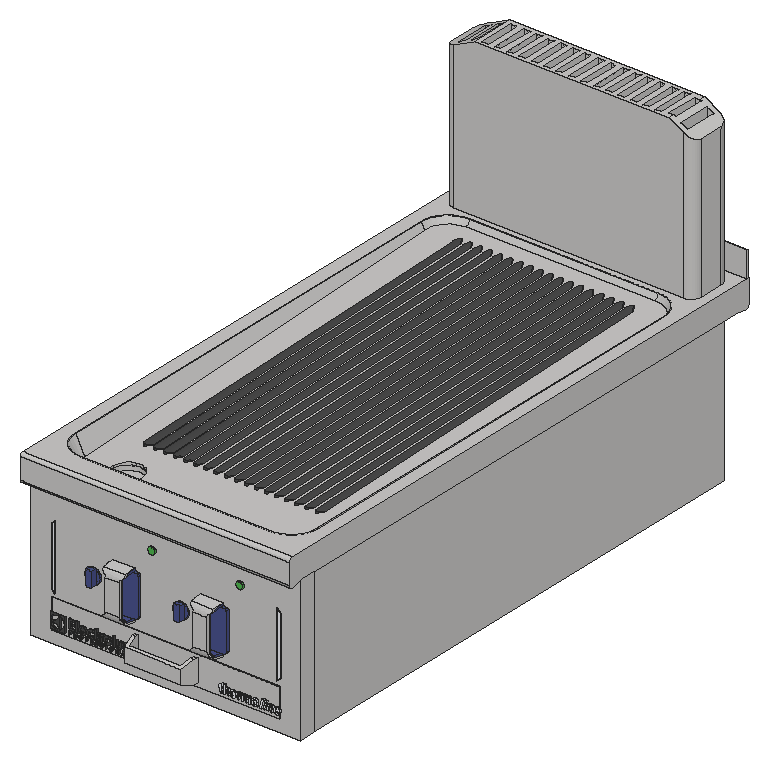
Revit family "QF_ELECTROLUXPROFESSIONAL_593109_MBHNBBDOVO", category Specialty Equipment, Revit 2014
Parameters
  Weight in Pounds = 487.22
  URL Cutsheet = ""
  Type Mark [instance] = ""
  Specification by User [instance] = ""
  Specification by Manufacturer = ""
  Serial Number = ""
  Seismic Rating = ""
  SMACNA No = ""
  Revision Code [instance] = ""
  Omniclass Number and Title = ""
  NAFEM Spec ID Number = ""
  Model = "588557"
  Masterspec = ""
  Manufacturer = "Electrolux Professional"
  Item Number [instance] = ""
  Installed By [instance] = ""
  Identify Quantity as Lot [instance] = yes
  Furnished By [instance] = ""
  Foodservice Equipment Identifier [instance] = yes
  Description = ""
  CSI MasterFormat = ""
  CSI Master Format = ""
Reference planes
  plane 1 "BACK": y = 0
  plane 2: z = 0
  plane 3 "LEFT": x = 0
  plane 4 "RIGHT": x = 400
  plane 5 "FRONT": y = -850
  plane 6 "TOP": z = 900
  plane 7 "Center (Left/Right)": x = 200
  plane 8: y = -425
  plane 9: y = -150
  plane 10: y = -65
  plane 11: y = -813
  plane 12 "GASy": y = -540
  plane 13: z = 938
  plane 14 "BaseTop": z = 650
  plane 15: y = -805
  plane 16 "Camino": y = -50
  plane 17 "GASx": x = 364
  plane 18: z = 1131
  plane 19 "PlaneRibbed": through (-6096, -91.999, 891.12) normal (0, -0.0269, 0.9996)
Forms (mm)
  Extrusion 1, solid, material "QF_Finishes_Stainless Steel"
    sketch origin (-178.969, -4572, 100) x (-1, 0, 0) y (0, -1, 0)
      loop
        line (-178.969, -4527) -> (-178.969, -3767) -> (-578.969, -3767) -> (-578.969, -4527) -> (-178.969, -4527)
    from 550 to 762.969
  Extrusion 2, solid, material "QF_Finishes_Stainless Steel"
    sketch origin (200, 296.4, 1219.2) x (0, 1, 0) y (0, 0, 1)
      loop
        line (-296.4, -319.2) -> (-1141.4, -319.2)
        arc (-1141.4, -319.2) -> (-1144.935, -320.664) -> (-1146.4, -324.2) r 5
        line (-1146.4, -324.2) -> (-1146.4, -355.2)
        arc (-1146.4, -355.2) -> (-1144.971, -358.264) -> (-1141.705, -359.139) r 4
        line (-1141.705, -359.139) -> (-1126.4, -356.231) -> (-316.4, -356.231) -> (-301.094, -359.139)
        arc (-301.094, -359.139) -> (-297.829, -358.264) -> (-296.4, -355.2) r 4
        line (-296.4, -355.2) -> (-296.4, -319.2)
    from -200 to 200
  Extrusion 3, void
    sketch origin (0, 0, 900) x (-1, 0, 0) y (0, -1, 0)
      loop
        arc (-60, 92) -> (-31.716, 103.716) -> (-20, 132) r 40
        line (-20, 132) -> (-20, 773)
        arc (-20, 773) -> (-31.716, 801.284) -> (-60, 813) r 40
        line (-60, 813) -> (-340, 813)
        arc (-340, 813) -> (-368.284, 801.284) -> (-380, 773) r 40
        line (-380, 773) -> (-380, 132)
        arc (-380, 132) -> (-368.284, 103.716) -> (-340, 92) r 40
        line (-340, 92) -> (-60, 92)
    from 0 to -30
  Extrusion 4, solid, material "QF_Finishes_Stainless Steel"
    sketch origin (200, 296.4, 1219.2) x (0, 1, 0) y (0, 0, 1)
      loop
        line (-296.4, -319.2) -> (-296.4, -281.2) -> (-298.4, -281.2) -> (-298.4, -319.2) -> (-296.4, -319.2)
    from 200 to -200
  Extrusion 5, solid, material "QF_Finishes_Stainless Steel"
    sketch origin (0, 0, 650) x (-1, 0, 0) y (0, -1, 0)
      loop
        circle (-364, 540) r 10.1
    from 0 to -10
  Sweep 6, solid, material "QF_Finishes_Stainless Steel"
    path origin (0, 0, 900) x (-1, 0, 0) y (0, -1, 0)
      loop
        line (-20, 132) -> (-20, 773)
        arc (-20, 773) -> (-31.716, 801.284) -> (-60, 813) r 40
        line (-60, 813) -> (-340, 813)
        arc (-340, 813) -> (-368.284, 801.284) -> (-380, 773) r 40
        line (-380, 773) -> (-380, 132)
        arc (-380, 132) -> (-368.284, 103.716) -> (-340, 92) r 40
        line (-340, 92) -> (-60, 92)
        arc (-60, 92) -> (-31.716, 103.716) -> (-20, 132) r 40
    profile origin (20, -452.5, 900) x (1, 0, 0) y (0, 0, 1)
      loop
        line (0, 0) -> (0, -30) -> (15, -30) -> (0, 0)
  Extrusion 7, solid, material "QF_Finishes_Stainless Steel"
    sketch origin (0, -50, 900) x (1, 0, 0) y (0, 0, 1)
      loop
        line (15, 0) -> (385, 0) -> (385, 209.869) -> (348.685, 231) -> (60.315, 231) -> (15, 209.869) -> (15, 0)
    from 33 to -33
  Extrusion 8, void
    sketch origin (0, 0, 900) x (-1, 0, 0) y (0, -1, 0)
      loop
        line (-30.312, 74) -> (-40.312, 74) -> (-40.312, 26) -> (-30.312, 26) -> (-30.312, 74)
      loop
        line (-48.547, 74) -> (-58.547, 74) -> (-58.547, 26) -> (-48.547, 26) -> (-48.547, 74)
      loop
        line (-76.781, 77) -> (-76.781, 23) -> (-66.781, 23) -> (-66.781, 77) -> (-76.781, 77)
      loop
        line (-95.015, 77) -> (-95.015, 23) -> (-85.015, 23) -> (-85.015, 77) -> (-95.015, 77)
      loop
        line (-113.25, 77) -> (-113.25, 23) -> (-103.25, 23) -> (-103.25, 77) -> (-113.25, 77)
      loop
        line (-131.484, 77) -> (-131.484, 23) -> (-121.484, 23) -> (-121.484, 77) -> (-131.484, 77)
      loop
        line (-149.719, 77) -> (-149.719, 23) -> (-139.719, 23) -> (-139.719, 77) -> (-149.719, 77)
      loop
        line (-167.953, 77) -> (-167.953, 23) -> (-157.953, 23) -> (-157.953, 77) -> (-167.953, 77)
      loop
        line (-186.187, 77) -> (-186.187, 23) -> (-176.187, 23) -> (-176.187, 77) -> (-186.187, 77)
      loop
        line (-205, 77) -> (-205, 23) -> (-195, 23) -> (-195, 77) -> (-205, 77)
      loop
        arc (-15, 32) -> (-19.393, 21.393) -> (-30, 17) r 15
        line (-30, 17) -> (-15, 17) -> (-15, 32)
      loop
        arc (-30, 83) -> (-19.393, 78.607) -> (-15, 68) r 15
        line (-15, 68) -> (-15, 83) -> (-30, 83)
      loop
        line (-369.688, 74) -> (-369.688, 26) -> (-359.688, 26) -> (-359.688, 74) -> (-369.688, 74)
      loop
        line (-351.453, 74) -> (-351.453, 26) -> (-341.453, 26) -> (-341.453, 74) -> (-351.453, 74)
      loop
        line (-323.219, 77) -> (-333.219, 77) -> (-333.219, 23) -> (-323.219, 23) -> (-323.219, 77)
      loop
        line (-304.985, 77) -> (-314.985, 77) -> (-314.985, 23) -> (-304.985, 23) -> (-304.985, 77)
      loop
        line (-286.75, 77) -> (-296.75, 77) -> (-296.75, 23) -> (-286.75, 23) -> (-286.75, 77)
      loop
        line (-268.516, 77) -> (-278.516, 77) -> (-278.516, 23) -> (-268.516, 23) -> (-268.516, 77)
      loop
        line (-250.281, 77) -> (-260.281, 77) -> (-260.281, 23) -> (-250.281, 23) -> (-250.281, 77)
      loop
        line (-232.047, 77) -> (-242.047, 77) -> (-242.047, 23) -> (-232.047, 23) -> (-232.047, 77)
      loop
        line (-213.813, 77) -> (-223.813, 77) -> (-223.813, 23) -> (-213.813, 23) -> (-213.813, 77)
      loop
        line (-385, 32) -> (-385, 17) -> (-370, 17)
        arc (-370, 17) -> (-380.607, 21.393) -> (-385, 32) r 15
      loop
        line (-370, 83) -> (-385, 83) -> (-385, 68)
        arc (-385, 68) -> (-380.607, 78.607) -> (-370, 83) r 15
    from 0 to 250
  Extrusion 9, solid, material "QF_Finishes_Stainless Steel"
    sketch origin (200, 296.4, 1219.2) x (0, 1, 0) y (0, 0, 1)
      loop
        line (-388.4, -349.2) -> (-388.4, -328.08) -> (-1109.4, -347.499) -> (-1109.4, -349.2) -> (-388.4, -349.2)
    from 180 to -180
  Extrusion 10, void
    sketch origin (0, 0, 900) x (-1, 0, 0) y (0, -1, 0)
      loop
        circle (-95, 769) r 22.248
    from -19.96 to -30
  Extrusion 11, void
    sketch origin (0, 0, 900) x (-1, 0, 0) y (0, -1, 0)
      loop
        circle (-95, 769) r 22.248
    from 0 to -37.031
Cuts and joins
  Extrusion 3, Extrusion 8, Extrusion 11 cuts Extrusion 2
  Extrusion 8 cuts Extrusion 7
  Extrusion 10 cuts Extrusion 9
  joined: Sweep 6, Extrusion 9
Lines and regions (mm)
  symbolic lines
    curve 1: line (0, 0, 100) -> (400, 0, 100)
    curve 2: line (0, -850, 100) -> (0, 0, 100)
    curve 3: line (400, -850, 100) -> (0, -850, 100)
    curve 4: line (400, 0, 100) -> (400, -850, 100)
    curve 5: line (0, -2, 0) -> (400, -2, 0)
    curve 6: line (338.029, -92, 0) -> (60.29, -92, 0)
    curve 7: line (60.29, -813, 0) -> (338.029, -813, 0)
    curve 8: line (60, -107, 900) -> (340, -107, 900)
    curve 9: line (340, -798, 900) -> (60, -798, 900)
    curve 10: arc (365, -773, 900) -> (357.678, -790.678, 900) -> (340, -798, 900) r 25
    curve 11: line (365, -132, 900) -> (365, -773, 900)
    curve 12: arc (340, -107, 900) -> (357.678, -114.322, 900) -> (365, -132, 900) r 25
    curve 13: circle (95, -769, 900) r 22.248 normal (0, 0, 1)
    curve 14: arc (85.5, -112.483, 900) -> (57.314, -124.096, 900) -> (45.5, -152.198, 900) r 39.994
    curve 15: line (85.5, -112.482, 900) -> (314.5, -112.482, 900)
    curve 16: line (45.5, -677.082, 900) -> (45.5, -152.198, 900)
    curve 17: arc (45.5, -677.082, 900) -> (57.314, -705.184, 900) -> (85.5, -716.797, 900) r 39.994
    curve 18: line (313.507, -716.798, 900) -> (85.5, -716.798, 900)
    curve 19: line (35.29, -731.526, 900) -> (365, -731.526, 900)
    curve 20: line (35.29, -741.526, 900) -> (365, -741.526, 900)
    curve 21: arc (60, -92, 900) -> (31.716, -103.716, 900) -> (20, -132, 900) r 40
    curve 22: line (20, -132, 900) -> (20, -773, 900)
    curve 23: arc (20, -773, 900) -> (31.716, -801.284, 900) -> (60, -813, 900) r 40
    curve 24: arc (340, -813, 900) -> (368.284, -801.284, 900) -> (380, -773, 900) r 40
    curve 25: line (380, -773, 900) -> (380, -132, 900)
    curve 26: arc (380, -132, 900) -> (368.284, -103.716, 900) -> (340, -92, 900) r 40
    curve 27: arc (313.5, -112.483, 900) -> (341.686, -124.096, 900) -> (353.5, -152.198, 900) r 39.994
    curve 28: line (353.5, -677.082, 900) -> (353.5, -152.198, 900)
    curve 29: arc (353.5, -677.082, 900) -> (341.688, -705.181, 900) -> (313.507, -716.797, 900) r 39.994
    curve 30: arc (60, -798, 900) -> (42.322, -790.678, 900) -> (35, -773, 900) r 25
    curve 31: line (35, -773, 900) -> (35, -132, 900)
    curve 32: arc (35, -132, 900) -> (42.322, -114.322, 900) -> (60, -107, 900) r 25
    curve 33: line (370, -17, 650) -> (30.102, -17, 650)
    curve 34: line (30.312, -74.008, 650) -> (40.312, -74.008, 650)
    curve 35: line (48.547, -74.008, 650) -> (58.547, -74.008, 650)
    curve 36: line (48.547, -26.022, 650) -> (48.547, -74.008, 650)
    curve 37: line (58.547, -26.022, 650) -> (48.547, -26.022, 650)
    curve 38: line (58.547, -74.008, 650) -> (58.547, -26.022, 650)
    curve 39: line (66.781, -23, 650) -> (66.781, -77.008, 650)
    curve 40: line (66.781, -23, 650) -> (76.781, -23, 650)
    curve 41: line (76.781, -23, 650) -> (76.781, -77.008, 650)
    curve 42: line (76.781, -77.008, 650) -> (66.781, -77.008, 650)
    curve 43: line (85.015, -23, 650) -> (85.015, -77.008, 650)
    curve 44: line (85.015, -23, 650) -> (95.015, -23, 650)
    curve 45: line (95.015, -23, 650) -> (95.015, -77.008, 650)
    curve 46: line (95.015, -77.008, 650) -> (85.015, -77.008, 650)
    curve 47: line (103.25, -23, 650) -> (103.25, -77.008, 650)
    curve 48: line (103.25, -23, 650) -> (113.25, -23, 650)
    curve 49: line (113.25, -23, 650) -> (113.25, -77.008, 650)
    curve 50: line (113.25, -77.008, 650) -> (103.25, -77.008, 650)
    curve 51: line (121.484, -23, 650) -> (121.484, -77.008, 650)
    curve 52: line (121.484, -23, 650) -> (131.484, -23, 650)
    curve 53: line (131.484, -23, 650) -> (131.484, -77.008, 650)
    curve 54: line (131.484, -77.008, 650) -> (121.484, -77.008, 650)
    curve 55: line (139.719, -23, 650) -> (139.719, -77.008, 650)
    curve 56: line (139.719, -23, 650) -> (149.719, -23, 650)
    curve 57: line (149.719, -23, 650) -> (149.719, -77.008, 650)
    curve 58: line (149.719, -77.008, 650) -> (139.719, -77.008, 650)
    curve 59: line (157.953, -23, 650) -> (157.953, -77.008, 650)
    curve 60: line (157.953, -23, 650) -> (167.953, -23, 650)
    curve 61: line (167.953, -23, 650) -> (167.953, -77.008, 650)
    curve 62: line (167.953, -77.008, 650) -> (157.953, -77.008, 650)
    curve 63: line (176.187, -23, 650) -> (176.187, -77.008, 650)
    curve 64: line (176.187, -23, 650) -> (186.187, -23, 650)
    curve 65: line (186.187, -23, 650) -> (186.187, -77.008, 650)
    curve 66: line (186.187, -77.008, 650) -> (176.187, -77.008, 650)
    curve 67: line (195, -23, 650) -> (195, -77.008, 650)
    curve 68: line (195, -23, 650) -> (205, -23, 650)
    curve 69: line (205, -23, 650) -> (205, -77.008, 650)
    curve 70: line (205, -77.008, 650) -> (195, -77.008, 650)
    curve 71: arc (15, -32, 900) -> (19.393, -21.393, 900) -> (30, -17, 900) r 15
    curve 72: line (15, -32, 900) -> (15, -68, 900)
    curve 73: arc (30, -83, 900) -> (19.393, -78.607, 900) -> (15, -68, 900) r 15
    curve 74: line (30, -83, 900) -> (370, -83, 900)
    curve 75: arc (385, -68, 900) -> (380.607, -78.607, 900) -> (370, -83, 900) r 15
    curve 76: line (385, -68, 900) -> (385, -32, 900)
    curve 77: arc (370, -17, 900) -> (380.607, -21.393, 900) -> (385, -32, 900) r 15
    curve 78: line (30.312, -26.022, 650) -> (30.312, -74.008, 650)
    curve 79: line (40.312, -26.022, 650) -> (30.312, -26.022, 650)
    curve 80: line (40.312, -74.008, 650) -> (40.312, -26.022, 650)
    curve 81: line (369.688, -74.008, 650) -> (359.688, -74.008, 650)
    curve 82: line (351.453, -74.008, 650) -> (341.453, -74.008, 650)
    curve 83: line (351.453, -26.022, 650) -> (351.453, -74.008, 650)
    curve 84: line (341.453, -26.022, 650) -> (351.453, -26.022, 650)
    curve 85: line (341.453, -74.008, 650) -> (341.453, -26.022, 650)
    curve 86: line (333.219, -23, 650) -> (333.219, -77.008, 650)
    curve 87: line (333.219, -23, 650) -> (323.219, -23, 650)
    curve 88: line (323.219, -23, 650) -> (323.219, -77.008, 650)
    curve 89: line (323.219, -77.008, 650) -> (333.219, -77.008, 650)
    curve 90: line (314.985, -23, 650) -> (314.985, -77.008, 650)
    curve 91: line (314.985, -23, 650) -> (304.985, -23, 650)
    curve 92: line (304.985, -23, 650) -> (304.985, -77.008, 650)
    curve 93: line (304.985, -77.008, 650) -> (314.985, -77.008, 650)
    curve 94: line (296.75, -23, 650) -> (296.75, -77.008, 650)
    curve 95: line (296.75, -23, 650) -> (286.75, -23, 650)
    curve 96: line (286.75, -23, 650) -> (286.75, -77.008, 650)
    curve 97: line (286.75, -77.008, 650) -> (296.75, -77.008, 650)
    curve 98: line (278.516, -23, 650) -> (278.516, -77.008, 650)
    curve 99: line (278.516, -23, 650) -> (268.516, -23, 650)
    curve 100: line (268.516, -23, 650) -> (268.516, -77.008, 650)
    curve 101: line (268.516, -77.008, 650) -> (278.516, -77.008, 650)
    curve 102: line (260.281, -23, 650) -> (260.281, -77.008, 650)
    curve 103: line (260.281, -23, 650) -> (250.281, -23, 650)
    curve 104: line (250.281, -23, 650) -> (250.281, -77.008, 650)
    curve 105: line (250.281, -77.008, 650) -> (260.281, -77.008, 650)
    curve 106: line (242.047, -23, 650) -> (242.047, -77.008, 650)
    curve 107: line (242.047, -23, 650) -> (232.047, -23, 650)
    curve 108: line (232.047, -23, 650) -> (232.047, -77.008, 650)
    curve 109: line (232.047, -77.008, 650) -> (242.047, -77.008, 650)
    curve 110: line (223.813, -23, 650) -> (223.813, -77.008, 650)
    curve 111: line (223.813, -23, 650) -> (213.813, -23, 650)
    curve 112: line (213.813, -23, 650) -> (213.813, -77.008, 650)
    curve 113: line (213.813, -77.008, 650) -> (223.813, -77.008, 650)
    curve 114: line (369.688, -26.022, 650) -> (369.688, -74.008, 650)
    curve 115: line (359.688, -26.022, 650) -> (369.688, -26.022, 650)
    curve 116: line (359.688, -74.008, 650) -> (359.688, -26.022, 650)
Dimensions and locks
  plane 3 "LEFT" to plane 4 "RIGHT" = 400 mm
  locked: plane 5 "FRONT" to plane 1 "BACK" at 850
  plane 3 "LEFT" to plane 7 "Center (Left/Right)" to plane 4 "RIGHT" = 200 mm, 200 mm
  equal spacing: plane 5 "FRONT", plane 8, plane 1 "BACK"
  plane 6 "TOP" to level = 900 mm  (x2)
  plane 1 "BACK" to plane 9 = 150 mm
  plane 12 "GASy" to plane 1 "BACK" = 540 mm
  plane 13 to plane 6 "TOP" = 38 mm
  plane 10 to plane 1 "BACK" = 65 mm
  plane 5 "FRONT" to plane 11 = 37 mm
  locked: plane 6 "TOP" to plane 14 "BaseTop" at 250
  locked: plane 15 to plane 5 "FRONT" at 45
  plane 16 "Camino" to plane 1 "BACK" = 50 mm
  plane 17 "GASx" to plane 4 "RIGHT" = 36 mm
  plane 18 to plane 6 "TOP" = 231 mm
  aligned and locked: level to plane 2
  aligned and locked: cut or joined group of Extrusion 2, Extrusion 3, Extrusion 8, Extrusion 11 to plane 3 "LEFT"
  aligned and locked: cut or joined group of Extrusion 2, Extrusion 3, Extrusion 8, Extrusion 11 to plane 4 "RIGHT"
  aligned and locked: nested 1 to plane 15
  aligned and locked: Extrusion 1 to plane 15
  aligned and locked: Extrusion 4 to plane 3 "LEFT"
  aligned and locked: Extrusion 4 to plane 4 "RIGHT"
  aligned and locked: plane 3 "LEFT" to nested 1
Automatic sketch dimensions
  curve 5 to plane 3 "LEFT" = 0 mm
  plane 11 to curve 7 = 0 mm
  curve 5 to plane 4 "RIGHT" = 0 mm
  plane 10 to curve 6 = 27 mm
  plane 3 "LEFT" to curve 6 = 60.29 mm
  plane 3 "LEFT" to curve 7 = 60.29 mm
  curve 6 to plane 17 "GASx" = 25.971 mm
  curve 7 to plane 17 "GASx" = 25.971 mm
  plane 1 "BACK" to curve 5 = 2 mm
  Extrusion 1 sketch curve to plane 4 "RIGHT" = 0 mm
  Extrusion 1 sketch curve to plane 3 "LEFT" = 0 mm
  Extrusion 1 sketch curve to plane 15 = 0 mm
  Extrusion 1 sketch curve to plane 16 "Camino" = 5 mm
  plane 1 "BACK" to curve 1 = 0 mm
  curve 1 to plane 4 "RIGHT" = 0 mm
  curve 3 to plane 3 "LEFT" = 0 mm
  plane 5 "FRONT" to curve 3 = 0 mm
  Extrusion 2 sketch curve to plane 5 "FRONT" = 0 mm
  Extrusion 2 sketch curve to plane 6 "TOP" = 0 mm
  Extrusion 2 sketch curve to plane 1 "BACK" = 0 mm
  Extrusion 2 sketch curve to Extrusion 2 sketch curve = 4 mm
  Extrusion 2 sketch curve to Extrusion 2 sketch curve = 0.695 mm
  Extrusion 2 sketch curve to plane 5 "FRONT" = 5 mm
  Extrusion 2 sketch curve to Extrusion 2 sketch curve = 15.305 mm
  plane 1 "BACK" to Extrusion 2 sketch curve = 20 mm
  plane 1 "BACK" to Extrusion 2 sketch curve = 4.695 mm
  plane 1 "BACK" to Extrusion 2 sketch curve = 4 mm
  Extrusion 2 sketch curve to Extrusion 2 sketch curve = 31 mm
  Extrusion 2 sketch curve to Extrusion 2 sketch curve = 36 mm
  Extrusion 2 sketch curve to Extrusion 2 sketch curve = 2.909 mm
  plane 11 to Extrusion 3 sketch curve = 0 mm
  plane 17 "GASx" to Extrusion 3 sketch curve = 16 mm
  Extrusion 3 sketch curve to plane 17 "GASx" = 24 mm  (x2)
  plane 3 "LEFT" to Extrusion 3 sketch curve = 60 mm  (x2)
  plane 9 to Extrusion 3 sketch curve = 18 mm
  plane 3 "LEFT" to Extrusion 3 sketch curve = 20 mm
  curve 10 to curve 24 = 0 mm  (x2)
  curve 12 to curve 26 = 0 mm  (x2)
  curve 21 to curve 32 = 0 mm  (x2)
  curve 23 to curve 30 = 0 mm  (x2)
  plane 11 to curve 24 = 0 mm
  plane 11 to curve 23 = 0 mm
  plane 4 "RIGHT" to curve 76 = 15 mm
  plane 17 "GASx" to curve 25 = 16 mm
  plane 17 "GASx" to curve 77 = 6 mm
  plane 10 to curve 75 = 3 mm
  plane 17 "GASx" to curve 75 = 6 mm
  plane 17 "GASx" to curve 11 = 1 mm
  curve 28 to plane 9 = 2.198 mm
  curve 28 to plane 17 "GASx" = 10.5 mm
  curve 10 to plane 17 "GASx" = 24 mm
  plane 9 to curve 26 = 18 mm
  curve 26 to plane 17 "GASx" = 24 mm
  curve 28 to curve 29 = 39.993 mm
  curve 27 to plane 9 = 2.477 mm
  curve 12 to curve 27 = 26.493 mm
  curve 13 to plane 11 = 44 mm
  plane 3 "LEFT" to curve 13 = 95 mm
  curve 14 to plane 9 = 2.477 mm
  plane 3 "LEFT" to curve 14 = 85.493 mm
  curve 17 to plane 12 "GASy" = 136.803 mm
  plane 3 "LEFT" to curve 17 = 85.493 mm
  curve 14 to curve 21 = 25.493 mm
  curve 13 to curve 23 = 35 mm
  curve 17 to curve 16 = 39.993 mm
  plane 9 to curve 31 = 18 mm
  plane 10 to curve 73 = 3 mm
  plane 3 "LEFT" to curve 73 = 30 mm
  curve 71 to curve 72 = 15 mm
  curve 71 to plane 16 "Camino" = 18 mm
  curve 76 to plane 16 "Camino" = 18 mm
  curve 16 to plane 9 = 2.198 mm
  curve 29 to plane 12 "GASy" = 136.803 mm
  curve 16 to plane 12 "GASy" = 137.082 mm
  curve 28 to plane 12 "GASy" = 137.082 mm
  curve 8 to curve 15 = 25.5 mm
  curve 18 to curve 29 = 0 mm
  curve 15 to curve 27 = 1 mm
  curve 18 to curve 17 = 0.007 mm
  curve 15 to curve 32 = 25.5 mm
  curve 15 to curve 14 = 0 mm
  curve 18 to curve 17 = 0 mm
  plane 3 "LEFT" to curve 19 = 35.29 mm
  curve 20 to curve 19 = 0 mm
  curve 15 to curve 27 = 0.001 mm
  curve 29 to curve 18 = 0.001 mm
  curve 19 to curve 30 = 41.474 mm
  curve 19 to curve 20 = 10 mm
  Extrusion 4 sketch curve to plane 6 "TOP" = 0 mm
  Extrusion 4 sketch curve to plane 13 = 0 mm
  Extrusion 4 sketch curve to plane 1 "BACK" = 0 mm
  Extrusion 4 sketch curve to Extrusion 4 sketch curve = 2 mm
  Extrusion 5 sketch curve to plane 12 "GASy" = 0 mm
  Extrusion 5 sketch curve to plane 17 "GASx" = 0 mm
  plane 11 to Sweep 6 sketch curve = 0 mm
  plane 17 "GASx" to Sweep 6 sketch curve = 16 mm
  Sweep 6 sketch curve to plane 17 "GASx" = 24 mm  (x2)
  plane 3 "LEFT" to Sweep 6 sketch curve = 60 mm  (x2)
  plane 10 to Sweep 6 sketch curve = 27 mm
  plane 3 "LEFT" to Sweep 6 sketch curve = 20 mm
  profile plane to Sweep 6 sketch curve = 0 mm
  Sweep 6 sketch curve to plane 6 "TOP" = 0 mm
  Sweep 6 sketch curve to profile plane = 15 mm
  Sweep 6 sketch curve to plane 6 "TOP" = 30 mm
  Extrusion 7 sketch curve to plane 6 "TOP" = 0 mm
  Extrusion 7 sketch curve to plane 18 = 0 mm
  plane 3 "LEFT" to Extrusion 7 sketch curve = 15 mm
  Extrusion 7 sketch curve to Extrusion 7 sketch curve = 45.315 mm
  Extrusion 7 sketch curve to plane 17 "GASx" = 15.315 mm
  plane 4 "RIGHT" to Extrusion 7 sketch curve = 15 mm
  Extrusion 7 sketch curve to plane 18 = 21.131 mm  (x2)
  plane 17 "GASx" to curve 115 = 5.688 mm
  curve 81 to plane 17 "GASx" = 4.312 mm
  curve 115 to curve 84 = 8.234 mm
  curve 83 to curve 84 = 10 mm
  curve 84 to curve 86 = 8.234 mm
  curve 86 to curve 88 = 10 mm
  curve 88 to curve 90 = 8.234 mm
  curve 90 to curve 92 = 10 mm
  curve 92 to curve 94 = 8.234 mm
  curve 94 to curve 95 = 10 mm
  curve 96 to curve 98 = 8.234 mm
  curve 98 to curve 100 = 10 mm
  curve 99 to curve 102 = 8.234 mm
  curve 102 to curve 104 = 10 mm
  curve 104 to curve 106 = 8.234 mm
  curve 106 to curve 108 = 10 mm
  curve 108 to curve 110 = 8.234 mm
  curve 110 to curve 112 = 10 mm
  plane 7 "Center (Left/Right)" to curve 70 = 5 mm
  curve 67 to plane 7 "Center (Left/Right)" = 5 mm
  curve 67 to curve 65 = 8.813 mm
  curve 64 to curve 63 = 10 mm
  curve 63 to curve 62 = 8.234 mm
  curve 61 to curve 62 = 10 mm
  curve 59 to curve 57 = 8.234 mm
  curve 57 to curve 58 = 10 mm
  curve 55 to curve 52 = 8.234 mm
  curve 52 to curve 51 = 10 mm
  curve 51 to curve 49 = 8.234 mm
  curve 48 to curve 48 = 10 mm
  curve 47 to curve 45 = 8.234 mm
  curve 45 to curve 46 = 10 mm
  curve 43 to curve 41 = 8.234 mm
  curve 41 to curve 42 = 10 mm
  curve 39 to curve 38 = 8.234 mm
  curve 35 to curve 36 = 10 mm
  curve 36 to curve 79 = 8.234 mm
  curve 79 to curve 78 = 10 mm
  plane 1 "BACK" to curve 68 = 23 mm
  curve 68 to curve 112 = 0 mm
  curve 65 to curve 67 = 0 mm  (x2)
  plane 1 "BACK" to curve 86 = 23 mm
  plane 1 "BACK" to curve 39 = 23 mm
  curve 110 to curve 108 = 0 mm  (x2)
  curve 40 to curve 43 = 0 mm
  curve 106 to curve 104 = 0 mm  (x2)
  curve 44 to curve 47 = 0 mm
  curve 102 to curve 100 = 0 mm  (x2)
  curve 48 to curve 51 = 0 mm
  curve 98 to curve 96 = 0 mm  (x2)
  curve 52 to curve 55 = 0 mm
  curve 94 to curve 92 = 0 mm  (x2)
  curve 56 to curve 59 = 0 mm
  curve 39 to curve 37 = 3.022 mm
  curve 86 to curve 85 = 3.022 mm
  curve 83 to curve 114 = 0 mm
  curve 80 to curve 36 = 0 mm
  plane 10 to curve 78 = 9.008 mm
  plane 10 to curve 81 = 9.008 mm
  curve 82 to curve 81 = 0 mm
  curve 34 to curve 35 = 0 mm
  plane 10 to curve 62 = 12.008 mm
  plane 10 to curve 88 = 12.008 mm
  curve 90 to curve 88 = 0 mm
  plane 10 to curve 58 = 12.008 mm
  plane 10 to curve 54 = 12.008 mm
  plane 10 to curve 50 = 12.008 mm
  plane 10 to curve 46 = 12.008 mm
  curve 35 to curve 42 = 3 mm
  curve 61 to curve 63 = 0 mm
  plane 17 "GASx" to curve 33 = 6 mm
  curve 78 to curve 33 = 0.21 mm
  curve 33 to curve 114 = 9.022 mm
  plane 4 "RIGHT" to Extrusion 8 sketch curve = 15 mm  (x2)
  plane 10 to Extrusion 8 sketch curve = 3 mm  (x2)
  plane 17 "GASx" to Extrusion 8 sketch curve = 6 mm  (x2)
  plane 17 "GASx" to Extrusion 8 sketch curve = 5.688 mm
  Extrusion 8 sketch curve to plane 17 "GASx" = 4.312 mm
  Extrusion 8 sketch curve to Extrusion 8 sketch curve = 8.234 mm  (x16)
  Extrusion 8 sketch curve to Extrusion 8 sketch curve = 10 mm  (x17)
  plane 7 "Center (Left/Right)" to Extrusion 8 sketch curve = 5 mm
  Extrusion 8 sketch curve to plane 7 "Center (Left/Right)" = 5 mm
  Extrusion 8 sketch curve to Extrusion 8 sketch curve = 8.813 mm
  Extrusion 8 sketch curve to Extrusion 8 sketch curve = 0.312 mm  (x2)
  plane 3 "LEFT" to Extrusion 8 sketch curve = 15 mm  (x2)
  Extrusion 8 sketch curve to plane 16 "Camino" = 18 mm  (x2)
  Extrusion 8 sketch curve to Extrusion 8 sketch curve = 6 mm  (x4)
  Extrusion 8 sketch curve to Extrusion 8 sketch curve = 0 mm  (x21)
  plane 1 "BACK" to Extrusion 8 sketch curve = 23 mm  (x3)
  plane 10 to Extrusion 8 sketch curve = 9 mm
  plane 10 to Extrusion 8 sketch curve = 12 mm  (x8)
  Extrusion 8 sketch curve to Extrusion 8 sketch curve = 3 mm
  Extrusion 10 sketch curve to plane 11 = 44 mm
  plane 3 "LEFT" to Extrusion 10 sketch curve = 95 mm
  Extrusion 11 sketch curve to plane 11 = 44 mm
  plane 3 "LEFT" to Extrusion 11 sketch curve = 95 mm
  Extrusion 9 sketch curve to plane 11 = 0 mm
  plane 10 to Extrusion 9 sketch curve = 27 mm
  Extrusion 9 sketch curve to plane 6 "TOP" = 30 mm
  Extrusion 9 sketch curve to plane 6 "TOP" = 8.88 mm
  Extrusion 9 sketch curve to Extrusion 9 sketch curve = 1.701 mm
  radius of curve 13 = 22.248 mm
  radius of Extrusion 5 sketch curve = 10.1 mm
  radius of Extrusion 10 sketch curve = 22.248 mm
  radius of Extrusion 11 sketch curve = 22.248 mm
Nested families
  nested 1: "Front_Panel_W400_Two Knobs_2Spie_Manop" at (52.376, -805, 0), type "Front_Panel_W400_Two Knobs_2Spie_Manop"
  nested 2: "Rib_D12" at (72.5, -405.988, 882.663) x (1, 0, 0) z (0, -0.0269, 0.9996), type "Rib_D12"
    with Show Clearance yes, Lenght 588 mm
  nested 3: "Rib_D12" at (87.5, -405.988, 882.663) x (1, 0, 0) z (0, -0.0269, 0.9996), type "Rib_D12"
    with Show Clearance yes, Lenght 588 mm
  nested 4: "Rib_D12" at (102.5, -405.988, 882.663) x (1, 0, 0) z (0, -0.0269, 0.9996), type "Rib_D12"
    with Show Clearance yes, Lenght 588 mm
  nested 5: "Rib_D12" at (117.5, -405.988, 882.663) x (1, 0, 0) z (0, -0.0269, 0.9996), type "Rib_D12"
    with Show Clearance yes, Lenght 588 mm
  nested 6: "Rib_D12" at (132.5, -405.988, 882.663) x (1, 0, 0) z (0, -0.0269, 0.9996), type "Rib_D12"
    with Show Clearance yes, Lenght 588 mm
  nested 7: "Rib_D12" at (147.5, -405.988, 882.663) x (1, 0, 0) z (0, -0.0269, 0.9996), type "Rib_D12"
    with Show Clearance yes, Lenght 588 mm
  nested 8: "Rib_D12" at (162.5, -405.988, 882.663) x (1, 0, 0) z (0, -0.0269, 0.9996), type "Rib_D12"
    with Show Clearance yes, Lenght 588 mm
  nested 9: "Rib_D12" at (177.5, -405.988, 882.663) x (1, 0, 0) z (0, -0.0269, 0.9996), type "Rib_D12"
    with Show Clearance yes, Lenght 588 mm
  nested 10: "Rib_D12" at (192.5, -405.988, 882.663) x (1, 0, 0) z (0, -0.0269, 0.9996), type "Rib_D12"
    with Show Clearance yes, Lenght 588 mm
  nested 11: "Rib_D12" at (207.5, -405.988, 882.663) x (1, 0, 0) z (0, -0.0269, 0.9996), type "Rib_D12"
    with Show Clearance yes, Lenght 588 mm
  nested 12: "Rib_D12" at (222.5, -405.988, 882.663) x (1, 0, 0) z (0, -0.0269, 0.9996), type "Rib_D12"
    with Show Clearance yes, Lenght 588 mm
  nested 13: "Rib_D12" at (237.5, -405.988, 882.663) x (1, 0, 0) z (0, -0.0269, 0.9996), type "Rib_D12"
    with Show Clearance yes, Lenght 588 mm
  nested 14: "Rib_D12" at (252.5, -405.988, 882.663) x (1, 0, 0) z (0, -0.0269, 0.9996), type "Rib_D12"
    with Show Clearance yes, Lenght 588 mm
  nested 15: "Rib_D12" at (267.5, -405.988, 882.663) x (1, 0, 0) z (0, -0.0269, 0.9996), type "Rib_D12"
    with Show Clearance yes, Lenght 588 mm
  nested 16: "Rib_D12" at (282.5, -405.988, 882.663) x (1, 0, 0) z (0, -0.0269, 0.9996), type "Rib_D12"
    with Show Clearance yes, Lenght 588 mm
  nested 17: "Rib_D12" at (297.5, -405.988, 882.663) x (1, 0, 0) z (0, -0.0269, 0.9996), type "Rib_D12"
    with Show Clearance yes, Lenght 588 mm
  nested 18: "Rib_D12" at (312.5, -405.988, 882.663) x (1, 0, 0) z (0, -0.0269, 0.9996), type "Rib_D12"
    with Show Clearance yes, Lenght 588 mm
  nested 19: "Rib_D12" at (327.5, -405.988, 882.663) x (1, 0, 0) z (0, -0.0269, 0.9996), type "Rib_D12"
    with Show Clearance yes, Lenght 588 mm
Connectors
  piping at (364, -540, 640), diameter 12.7
    settings: on Extrusion 5, index 1, connector inside diameter 24", connector length 0 mm, flow factor 0, pipe flow 0 GPM, pressure drop 0.00 psi, fitting loss kfactor 0, connector angle 0.00°, fixture units 0, engagement length 0 mm, angle of deflection 0.00°, flow configuration 1, flow direction 1, fitting loss method 0, system type 7, joint type 0, gender type 0, connector reference index -1, connector utility 0, adjustable connector no, is connector primary yes, connector description "Gas connection"
Definition of nested family "Front_Panel_W400_Two Knobs_2Spie_Manop"
  Reference planes
    plane 1 "Center (Front/Back)": y = 0
    plane 2: z = 0
    plane 3 "Center (Left/Right)": x = 147.624
    plane 4 "Left": x = -52.376
    plane 5 "Right": x = 347.624
    plane 6: y = -45
    plane 7: x = 107.624
    plane 8: y = -310
    plane 9 "Panel": y = -25
    plane 10: x = 317.624
    plane 11: x = -22.376
  Forms (mm)
    Extrusion 1, solid, material "QF_Finishes_Stainless Steel"
      sketch origin (833.217, 829.203, -1.25) x (0, 1, 0) y (0, 0, 1)
        loop
          line (-854.203, 651.25) -> (-829.203, 651.25) -> (-829.203, 864.25) -> (-854.203, 864.25) -> (-854.203, 651.25)
      from -885.593 to -485.593
    Extrusion 2, void
      sketch origin (0, -25, -10) x (0, 0, 1) y (-1, 0, 0)
        loop
          line (731.866, -317.624) -> (818.866, -317.624) -> (823.866, -312.624) -> (726.866, -312.624) -> (731.866, -317.624)
        loop
          line (731.866, 22.376) -> (726.866, 17.376) -> (823.866, 17.376) -> (818.866, 22.376) -> (731.866, 22.376)
      from 0 to -2
    Extrusion 3, void
      sketch origin (0, 0, 0) x (1, 0, 0) y (0, 0, 1)
        loop
          line (-22.376, 711.866) -> (-22.376, 666.866) -> (317.624, 666.866) -> (317.624, 711.866) -> (-22.376, 711.866)
      from 19.387 to 25
    Extrusion 4, solid, material "QF_Finishes_Stainless Steel"
      sketch origin (0, 0, 0) x (1, 0, 0) y (0, 0, 1)
        loop
          line (-21.376, 710.866) -> (-21.376, 667.866) -> (316.624, 667.866) -> (316.624, 710.866) -> (-21.376, 710.866)
      from 19.387 to 25
    Extrusion 5, solid, material "QF_Finishes_Stainless Steel"
      sketch origin (0, 0, 0) x (1, 0, 0) y (0, 1, 0)
        loop
          line (106.059, -25) -> (100.966, -25) -> (105.646, -49.075) -> (189.603, -49.075) -> (194.283, -25) -> (189.189, -25) -> (185.481, -44.075) -> (109.767, -44.075) -> (106.059, -25)
      from 672.593 to 705.67
    Extrusion 6, void
      sketch origin (147.624, 0, 0) x (0, 1, 0) y (0, 0, 1)
        loop
          line (-30, 705.67) -> (-30, 710.67) -> (-56.744, 710.67) -> (-56.744, 667.593) -> (-30, 667.593) -> (-30, 672.593) -> (-53.776, 680.318) -> (-53.776, 697.945) -> (-30, 705.67)
      from -50 to 50
    Extrusion 7, solid, material "QF_Door-Drawer Clearances", detail levels coarse
      sketch origin (0, -265, 0) x (1, 0, 0) y (0, 1, 0)
        loop
          line (106.164, -71.744) -> (189.084, -71.744) -> (194.283, -45) -> (316.624, -45) -> (316.624, 240) -> (-21.376, 240) -> (-21.376, -45) -> (100.966, -45) -> (106.164, -71.744)
      from 672.593 to 705.67
    Extrusion 8, void
      sketch origin (147.624, -280, 0) x (0, 1, 0) y (0, 0, 1)
        loop
          line (-30, 705.67) -> (-30, 710.67) -> (-56.744, 710.67) -> (-56.744, 667.593) -> (-30, 667.593) -> (-30, 672.593) -> (-53.776, 680.318) -> (-53.776, 697.945) -> (-30, 705.67)
      from -50 to 50
    Extrusion 9, solid, material "QF_Finishes_Green"
      sketch origin (160, -25, 1.163) x (0, 0, 1) y (-1, 0, 0)
        loop
          circle (824.337, 32.376) r 5
      from 0 to 1.7
    Extrusion 10, solid, material "QF_Finishes_White"
      sketch origin (0, -25, -10) x (0, 0, 1) y (-1, 0, 0)
        loop
          line (726.866, -312.624) -> (731.866, -317.624) -> (818.866, -317.624) -> (823.866, -312.624) -> (726.866, -312.624)
        loop
          line (726.866, 17.376) -> (823.866, 17.376) -> (818.866, 22.376) -> (731.866, 22.376) -> (726.866, 17.376)
      from 0 to -2
    Extrusion 11, solid, material "QF_Finishes_Green"
      sketch origin (290.724, -25, 1.163) x (0, 0, 1) y (-1, 0, 0)
        loop
          circle (824.337, 32.376) r 5
      from 0 to 1.7
    Extrusion 12, solid, material "QF_Finishes_Electrolux Cyan"
      sketch origin (0, -25, 0) x (0, 0, 1) y (-1, 0, 0)
        loop
          circle (761.979, -41.048) r 11.5
      from 1.492 to 2.716
    Extrusion 13, solid, material "QF_Finishes_Stainless Steel"
      sketch origin (0.059, -25, 0.001) x (0, 0, 1) y (-1, 0, 0)
        loop
          circle (761.978, -40.989) r 8.098
      from 0 to 1.492
    Extrusion 14, solid, material "QF_Finishes_Electrolux Cyan"
      sketch origin (0, -25, 0) x (0, 0, 1) y (-1, 0, 0)
        loop
          arc (772.562, -45.548) -> (773.479, -41.048) -> (772.562, -36.548) r 11.5
          line (772.562, -36.548) -> (751.396, -36.548)
          arc (751.396, -36.548) -> (750.479, -41.048) -> (751.396, -45.548) r 11.5
          line (751.396, -45.548) -> (772.562, -45.548)
      from 1.492 to 10
    Extrusion 15, solid, material "QF_Finishes_Electrolux Cyan"
      sketch origin (0, -25, 0) x (0, 0, 1) y (-1, 0, 0)
        loop
          circle (761.979, -171.771) r 11.5
      from 1.492 to 2.716
    Extrusion 16, solid, material "QF_Finishes_Stainless Steel"
      sketch origin (130.782, -25, 0.001) x (0, 0, 1) y (-1, 0, 0)
        loop
          circle (761.978, -40.989) r 8.098
      from 0 to 1.492
    Extrusion 17, solid, material "QF_Finishes_Electrolux Cyan"
      sketch origin (0, -25, 0) x (0, 0, 1) y (-1, 0, 0)
        loop
          arc (772.562, -176.271) -> (773.479, -171.771) -> (772.562, -167.271) r 11.5
          line (772.562, -167.271) -> (751.396, -167.271)
          arc (751.396, -167.271) -> (750.479, -171.771) -> (751.396, -176.271) r 11.5
          line (751.396, -176.271) -> (772.562, -176.271)
      from 1.492 to 10
  Cuts and joins
    Extrusion 2, Extrusion 3 cuts Extrusion 1
    Extrusion 6, Extrusion 8 cuts Extrusion 5
    Extrusion 8 cuts Extrusion 7
  Lines and regions (mm)
    symbolic lines, style "SpecialityEquipmentHiddenLines"
      curve 1: line (31.124, -45, 0) -> (31.124, -310, 0)
      curve 2: line (31.124, -310, 0) -> (269.124, -310, 0)
      curve 3: line (100.966, -310, 0) -> (105.646, -334.075, 0)
      curve 4: line (105.646, -334.075, 0) -> (189.603, -334.075, 0)
      curve 5: line (189.603, -334.075, 0) -> (194.283, -310, 0)
      curve 6: line (269.124, -310, 0) -> (269.124, -45, 0)
      curve 7: line (31.124, -300, 0) -> (269.124, -300, 0)
      curve 8: line (106.059, -310, 0) -> (109.767, -329.075, 0)
      curve 9: line (109.767, -329.075, 0) -> (185.481, -329.075, 0)
      curve 10: line (185.481, -329.075, 0) -> (189.189, -310, 0)
  Dimensions and locks
    equal spacing: plane 5 "Right", plane 3 "Center (Left/Right)", plane 4 "Left"
    plane 5 "Right" to plane 4 "Left" = 400 mm
    plane 3 "Center (Left/Right)" to plane 7 = 40 mm
    plane 6 to plane 8 = 265 mm
    plane 11 to plane 4 "Left" = 30 mm
    plane 5 "Right" to plane 10 = 30 mm
    aligned and locked: cut or joined group of Extrusion 1, Extrusion 2, Extrusion 3 to plane 4 "Left"
    aligned and locked: plane 5 "Right" to cut or joined group of Extrusion 1, Extrusion 2, Extrusion 3
  Automatic sketch dimensions
    plane 6 to curve 1 = 0 mm
    curve 1 to plane 8 = 0 mm
    plane 6 to curve 6 = 0 mm
    plane 11 to curve 1 = 53.5 mm
    curve 3 to plane 7 = 1.979 mm
    plane 7 to curve 8 = 2.143 mm
    plane 3 "Center (Left/Right)" to curve 10 = 37.857 mm
    curve 9 to curve 5 = 4.122 mm
    curve 2 to plane 10 = 48.5 mm
    curve 9 to plane 8 = 19.075 mm
    curve 5 to curve 9 = 5 mm
    curve 3 to plane 7 = 6.658 mm
    curve 8 to plane 7 = 1.565 mm
    curve 9 to curve 10 = 3.708 mm
    curve 10 to curve 5 = 5.094 mm
    plane 8 to curve 7 = 10 mm
    Extrusion 1 sketch curve to plane 9 "Panel" = 0 mm
    Extrusion 1 sketch curve to plane 1 "Center (Front/Back)" = 0 mm
    level to Extrusion 1 sketch curve = 650 mm
    Extrusion 1 sketch curve to Extrusion 1 sketch curve = 213 mm
    Extrusion 2 sketch curve to plane 10 = 0 mm
    Extrusion 2 sketch curve to plane 11 = 0 mm
    plane 11 to Extrusion 2 sketch curve = 5 mm
    level to Extrusion 2 sketch curve = 716.866 mm
    Extrusion 2 sketch curve to plane 10 = 5 mm
    Extrusion 2 sketch curve to Extrusion 2 sketch curve = 0 mm
    Extrusion 2 sketch curve to Extrusion 2 sketch curve = 5 mm  (x4)
    Extrusion 2 sketch curve to Extrusion 2 sketch curve = 87 mm  (x2)
    Extrusion 3 sketch curve to plane 11 = 0 mm
    Extrusion 3 sketch curve to plane 10 = 0 mm
    level to Extrusion 3 sketch curve = 666.866 mm
    Extrusion 3 sketch curve to Extrusion 3 sketch curve = 45 mm
    plane 11 to Extrusion 4 sketch curve = 1 mm
    Extrusion 4 sketch curve to plane 10 = 1 mm
    level to Extrusion 4 sketch curve = 667.866 mm
    Extrusion 4 sketch curve to Extrusion 4 sketch curve = 43 mm
    plane 9 "Panel" to Extrusion 5 sketch curve = 0 mm  (x2)
    Extrusion 5 sketch curve to plane 7 = 6.658 mm
    Extrusion 5 sketch curve to plane 7 = 1.979 mm
    Extrusion 5 sketch curve to plane 7 = 1.565 mm
    Extrusion 5 sketch curve to plane 6 = 0.925 mm
    plane 7 to Extrusion 5 sketch curve = 2.143 mm
    plane 3 "Center (Left/Right)" to Extrusion 5 sketch curve = 37.857 mm
    Extrusion 5 sketch curve to Extrusion 5 sketch curve = 3.708 mm
    Extrusion 5 sketch curve to Extrusion 5 sketch curve = 4.122 mm
    Extrusion 5 sketch curve to Extrusion 5 sketch curve = 5.094 mm
    plane 6 to Extrusion 5 sketch curve = 4.075 mm
    plane 6 to Extrusion 6 sketch curve = 11.744 mm
    plane 6 to Extrusion 6 sketch curve = 8.776 mm
    plane 9 "Panel" to Extrusion 6 sketch curve = 5 mm  (x2)
    level to Extrusion 6 sketch curve = 667.593 mm
    Extrusion 6 sketch curve to Extrusion 6 sketch curve = 5 mm
    Extrusion 6 sketch curve to Extrusion 6 sketch curve = 12.725 mm  (x2)
    Extrusion 6 sketch curve to Extrusion 6 sketch curve = 17.627 mm
    Extrusion 6 sketch curve to Extrusion 6 sketch curve = 7.725 mm
    plane 9 "Panel" to Extrusion 7 sketch curve = 0 mm
    Extrusion 7 sketch curve to plane 8 = 0 mm  (x2)
    plane 11 to Extrusion 7 sketch curve = 1 mm
    Extrusion 7 sketch curve to plane 7 = 6.658 mm
    Extrusion 7 sketch curve to plane 7 = 1.46 mm
    plane 3 "Center (Left/Right)" to Extrusion 7 sketch curve = 41.46 mm
    Extrusion 7 sketch curve to Extrusion 7 sketch curve = 5.199 mm
    Extrusion 7 sketch curve to plane 10 = 1 mm
    Extrusion 7 sketch curve to plane 8 = 26.744 mm
    Extrusion 8 sketch curve to plane 8 = 0 mm  (x2)
    Extrusion 8 sketch curve to plane 8 = 23.776 mm
    Extrusion 8 sketch curve to Extrusion 8 sketch curve = 2.968 mm
    level to Extrusion 8 sketch curve = 667.593 mm
    Extrusion 8 sketch curve to Extrusion 8 sketch curve = 5 mm
    Extrusion 8 sketch curve to Extrusion 8 sketch curve = 12.725 mm  (x2)
    Extrusion 8 sketch curve to Extrusion 8 sketch curve = 17.627 mm
    Extrusion 8 sketch curve to Extrusion 8 sketch curve = 7.725 mm
    Extrusion 9 sketch curve to plane 3 "Center (Left/Right)" = 20 mm
    level to Extrusion 9 sketch curve = 825.5 mm
    Extrusion 10 sketch curve to plane 10 = 0 mm
    Extrusion 10 sketch curve to plane 11 = 0 mm
    Extrusion 10 sketch curve to plane 10 = 5 mm
    level to Extrusion 10 sketch curve = 716.866 mm
    plane 11 to Extrusion 10 sketch curve = 5 mm
    Extrusion 10 sketch curve to Extrusion 10 sketch curve = 0 mm
    Extrusion 10 sketch curve to Extrusion 10 sketch curve = 5 mm  (x4)
    Extrusion 10 sketch curve to Extrusion 10 sketch curve = 87 mm  (x2)
    Extrusion 11 sketch curve to plane 10 = 59.276 mm
    level to Extrusion 11 sketch curve = 825.5 mm
    plane 11 to Extrusion 13 sketch curve = 63.424 mm
    level to Extrusion 13 sketch curve = 761.979 mm
    plane 3 "Center (Left/Right)" to Extrusion 16 sketch curve = 24.147 mm
    level to Extrusion 16 sketch curve = 761.979 mm
    plane 11 to Extrusion 12 sketch curve = 63.424 mm
    level to Extrusion 12 sketch curve = 761.979 mm
    Extrusion 14 sketch curve to Extrusion 14 sketch curve = 0 mm  (x3)
    plane 11 to Extrusion 14 sketch curve = 58.924 mm
    level to Extrusion 14 sketch curve = 751.396 mm
    Extrusion 14 sketch curve to Extrusion 14 sketch curve = 10.583 mm  (x2)
    Extrusion 14 sketch curve to Extrusion 14 sketch curve = 4.5 mm
    plane 3 "Center (Left/Right)" to Extrusion 15 sketch curve = 24.147 mm
    level to Extrusion 15 sketch curve = 761.979 mm
    Extrusion 17 sketch curve to Extrusion 17 sketch curve = 0 mm  (x3)
    plane 3 "Center (Left/Right)" to Extrusion 17 sketch curve = 19.647 mm
    level to Extrusion 17 sketch curve = 751.396 mm
    Extrusion 17 sketch curve to Extrusion 17 sketch curve = 10.583 mm  (x2)
    Extrusion 17 sketch curve to Extrusion 17 sketch curve = 4.5 mm
    radius of Extrusion 9 sketch curve = 5 mm
    radius of Extrusion 11 sketch curve = 5 mm
    radius of Extrusion 13 sketch curve = 8.098 mm
    radius of Extrusion 16 sketch curve = 8.098 mm
    radius of Extrusion 12 sketch curve = 11.5 mm
    radius of Extrusion 15 sketch curve = 11.5 mm
  Nested families
    nested 1: "Range Control Handle" at (87.624, -28.137, -209.113) x (-1, 0, 0) z (0, 0, 1), type "Range Control Handle"
    nested 2: "Range Control Handle" at (217.624, -28.137, -209.113), type "Range Control Handle"
    nested 3: "ELX_ThermaLine_Small" at (269.031, -25, 679.342) x (1, 0, 0) z (0, -1, 0), type "ELX_ThermaLine_Small"
      with Show Logo yes, Material_Logo QF_Finishes_Black
    nested 4: "ELX_Professional_Logo_Small" at (37.11, -25, 681.575) x (1, 0, 0) z (0, -1, 0), type "ELX_Professional_Logo_Small"
      with Show Logo yes, Material_Logo QF_Finishes_Black
  Definition of nested family "Range Control Handle"
    Reference planes
      plane 1 "Center (Front/Back)": y = 0
      plane 2: z = 0
      plane 3 "Center (Left/Right)": x = 0
      plane 4: z = 971.092
      plane 5: y = -16.9
    Forms (mm)
      Extrusion 1, solid, material "QF_Finishes_Electrolux Cyan"
        sketch origin (-746.28, 380.497, 208.931) x (-1, 0, 0) y (0, 0, 1)
          loop
            line (-770.101, 786.798) -> (-770.101, 731.649)
            arc (-770.101, 731.649) -> (-769.759, 730.563) -> (-768.855, 729.87) r 1.893
            line (-768.855, 729.87) -> (-763.474, 727.911) -> (-729.81, 727.911) -> (-724.428, 729.87)
            arc (-724.428, 729.87) -> (-723.525, 730.563) -> (-723.183, 731.649) r 1.893
            line (-723.183, 731.649) -> (-723.183, 786.798)
            arc (-723.183, 786.798) -> (-723.529, 787.894) -> (-724.44, 788.593) r 1.91
            line (-724.44, 788.593) -> (-729.683, 790.819) -> (-763.601, 790.819) -> (-768.844, 788.593)
            arc (-768.844, 788.593) -> (-769.755, 787.894) -> (-770.101, 786.798) r 1.91
        from -382.35 to -378.852
      Sweep 2, solid, material "QF_Finishes_Electrolux Cyan"
        path origin (-746.788, 380.496, 208.091) x (0, -1, 0) y (0, 0, 1)
          loop
            line (379.775, 793.281) -> (395.661, 791.048)
            arc (395.661, 791.048) -> (397.781, 787.377) -> (398.517, 783.202) r 12.207
            line (398.517, 783.202) -> (398.517, 737.368)
            arc (398.517, 737.368) -> (397.781, 733.193) -> (395.661, 729.522) r 12.207
            line (395.661, 729.522) -> (379.775, 727.289)
        profile origin (-746.788, -7.222, 1000.256) x (0, -0.139173, 0.990268) y (-1, 0, 0)
          loop
            line (0.782, -763.123) -> (0.782, -730.907) -> (-1.322, -730.907) -> (-1.322, -763.123) -> (0.782, -763.123)
      Sweep 3, solid, material "QF_Finishes_Stainless Steel"
        path origin (-746.788, 380.715, 207.832) x (0, -1, 0) y (0, 0, 1)
          loop
            line (380.478, 795.442) -> (397.218, 793.09)
            arc (397.218, 793.09) -> (399.929, 788.473) -> (400.871, 783.202) r 15.207
            line (400.871, 783.202) -> (400.871, 737.584)
            arc (400.871, 737.584) -> (399.914, 732.274) -> (397.164, 727.633) r 15.207
            line (397.164, 727.633) -> (380.601, 725.305)
        profile origin (-746.788, -8.132, 1002.099) x (0, -0.139173, 0.990268) y (-1, 0, 0)
          loop
            line (0.782, -763.123) -> (0.782, -730.907) -> (-1.322, -730.907) -> (-1.322, -763.123) -> (0.782, -763.123)
      Extrusion 4, void
        sketch origin (889.253, 220.666, 207.993) x (1, 0, 0) y (0, 0, 1)
          loop
            line (-943.038, 816.854) -> (-943.038, 703.686) -> (-899.466, 734.196) -> (-899.466, 786.344) -> (-943.038, 816.854)
        from 230.636 to 242.25
      Extrusion 5, void
        sketch origin (-888.8, 220.666, 207.993) x (-1, 0, 0) y (0, 0, -1)
          loop
            line (-943.038, -816.854) -> (-899.466, -786.344) -> (-899.466, -734.196) -> (-943.038, -703.686) -> (-943.038, -816.854)
        from 230.636 to 242.25
      Extrusion 6, solid, material "QF_Finishes_Electrolux Cyan"
        sketch origin (0, 0, 0) x (1, 0, 0) y (0, 0, 1)
          loop
            circle (0, 971.092) r 7.736
        from -3.137 to -1.645
    Cuts and joins
      Extrusion 4, Extrusion 5 cuts Sweep 3
      Extrusion 4, Extrusion 5 cuts Sweep 2
      joined: Extrusion 1, Extrusion 6
    Lines and regions (mm)
      symbolic lines
        curve 1: line (16.334, -16.9, 0) -> (16.334, -19.227, 0)
        curve 2: spline (16.334, -19.227, 0) -> (15.87, -19.385, 0) -> (15.404, -19.536, 0) -> (14.936, -19.678, 0) -> (14.466, -19.813, 0) -> (13.995, -19.94, 0) -> (13.523, -20.059, 0) -> (13.049, -20.171, 0) -> (12.575, -20.274, 0) -> (12.099, -20.37, 0) -> (11.622, -20.458, 0) -> (11.144, -20.537, 0) -> (10.666, -20.609, 0)
        curve 3: line (10.666, -16.9, 0) -> (10.666, -20.938, 0)
        curve 4: line (-10.213, -20.938, 0) -> (10.666, -20.938, 0)
        curve 5: line (-10.213, -20.938, 0) -> (-10.213, -16.9, 0)
        curve 6: spline (-10.213, -20.609, 0) -> (-10.691, -20.537, 0) -> (-11.169, -20.458, 0) -> (-11.646, -20.37, 0) -> (-12.122, -20.274, 0) -> (-12.597, -20.171, 0) -> (-13.07, -20.059, 0) -> (-13.542, -19.94, 0) -> (-14.013, -19.813, 0) -> (-14.483, -19.678, 0) -> (-14.951, -19.536, 0) -> (-15.417, -19.385, 0) -> (-15.881, -19.227, 0)
        curve 7: line (-15.881, -19.227, 0) -> (-15.881, -16.9, 0)
  Definition of nested family "ELX_ThermaLine_Small"
    Parameters (values of type "ELX_ThermaLine_Small")
      Show Logo [instance] = yes
      Material_Logo [instance] = QF_Finishes_Black
      Default Elevation = 0 mm
    Reference planes
      plane 1 "Centro (Fronte/Retro)": y = 0
      plane 2: z = 0
      plane 3 "Centro (Sinistra/Destra)": x = 0
    Forms (mm)
      Extrusion 1, solid
        sketch origin (0, 0, 0) x (1, 0, 0) y (0, 1, 0)
          loop
            line (-1219.2, 1219.2) -> (-1219.2, -1219.2) -> (1219.2, -1219.2) -> (1219.2, 1219.2) -> (-1219.2, 1219.2)
        from 0 to -304.8
      Extrusion 2, solid, material "QF_Finishes_White"
        sketch origin (0, 0, 0) x (1, 0, 0) y (0, 1, 0)
          loop
            line (-37.494, 1.229) -> (-35.908, 1.229) -> (-35.908, 3.066) -> (-37.494, 3.066) -> (-37.494, 6.221) -> (-39.867, 4.881) -> (-39.867, 3.066) -> (-40.969, 3.066) -> (-40.969, 1.229) -> (-39.867, 1.229) -> (-39.867, -3.407)
            arc (-39.867, -3.407) -> (-38.982, -5.513) -> (-36.751, -6.001) r 2.478
            line (-36.751, -6.001) -> (-35.638, -5.7) -> (-35.9, -3.835) -> (-36.661, -4.039)
            arc (-36.661, -4.039) -> (-37.236, -3.924) -> (-37.494, -3.399) r 0.662
            line (-37.494, -3.399) -> (-37.494, 1.229)
          loop
            line (-34.242, 6.539) -> (-34.242, -5.848) -> (-31.854, -5.848) -> (-31.854, -0.078)
            arc (-31.854, -0.078) -> (-30.939, 1.249) -> (-29.33, 1.367) r 1.866
            arc (-29.33, 1.367) -> (-28.695, 0.768) -> (-28.461, -0.073) r 1.627
            line (-28.461, -0.073) -> (-28.461, -5.848) -> (-26.086, -5.848) -> (-26.064, -0.46)
            arc (-26.064, -0.46) -> (-26.261, 0.932) -> (-26.786, 2.237) r 5.825
            arc (-26.786, 2.237) -> (-29.381, 3.264) -> (-31.854, 1.971) r 3.353
            line (-31.854, 1.971) -> (-31.854, 6.539) -> (-34.242, 6.539)
          loop
            arc (-18.398, -0.598) -> (-18.893, 0.879) -> (-20.326, 1.487) r 1.897
            arc (-20.326, 1.487) -> (-21.461, 0.708) -> (-21.897, -0.598) r 2.164
            line (-21.897, -0.598) -> (-18.398, -0.598)
          loop
            arc (-16.021, -2.044) -> (-16.754, 1.227) -> (-19.444, 3.226) r 4.814
            arc (-19.444, 3.226) -> (-22.137, 2.788) -> (-23.943, 0.743) r 4.054
            arc (-23.943, 0.743) -> (-24.382, -1.249) -> (-24.162, -3.276) r 6.289
            arc (-24.162, -3.276) -> (-23.302, -4.71) -> (-21.958, -5.705) r 4.28
            arc (-21.958, -5.705) -> (-18.558, -5.814) -> (-16.152, -3.409) r 4.28
            line (-16.152, -3.409) -> (-18.5, -2.995)
            arc (-18.5, -2.995) -> (-19.273, -3.994) -> (-20.533, -4.076) r 1.536
            arc (-20.533, -4.076) -> (-21.56, -3.281) -> (-21.958, -2.044) r 2.197
            line (-21.958, -2.044) -> (-16.021, -2.044)
          loop
            line (-14.165, -5.848) -> (-11.819, -5.848) -> (-11.819, -2.138)
            arc (-11.819, -2.138) -> (-11.787, -1.156) -> (-11.637, -0.185) r 8.18
            arc (-11.637, -0.185) -> (-10.644, 0.972) -> (-9.132, 0.776) r 1.603
            line (-9.132, 0.776) -> (-8.419, 2.846)
            arc (-8.419, 2.846) -> (-10.432, 3.118) -> (-11.994, 1.821) r 2.527
            line (-11.994, 1.821) -> (-11.994, 3.094) -> (-14.165, 3.094) -> (-14.165, -5.848)
          loop
            line (-7.579, 3.094) -> (-7.579, -5.848) -> (-5.178, -5.848) -> (-5.178, -0.756)
            arc (-5.178, -0.756) -> (-4.727, 0.679) -> (-3.417, 1.419) r 2.05
            arc (-3.417, 1.419) -> (-2.499, 0.908) -> (-2.155, -0.085) r 1.471
            line (-2.155, -0.085) -> (-2.155, -5.848) -> (0.23, -5.848) -> (0.23, -1.001)
            arc (0.23, -1.001) -> (0.47, 0.127) -> (1.148, 1.061) r 2.775
            arc (1.148, 1.061) -> (2.225, 1.329) -> (3.05, 0.587) r 1.182
            arc (3.05, 0.587) -> (3.199, -0.019) -> (3.214, -0.642) r 2.894
            line (3.214, -0.642) -> (3.214, -5.848) -> (5.601, -5.848) -> (5.601, 0.261)
            arc (5.601, 0.261) -> (4.87, 2.263) -> (2.976, 3.241) r 2.932
            arc (2.976, 3.241) -> (1.284, 2.973) -> (-0.047, 1.896) r 3.309
            arc (-0.047, 1.896) -> (-1.116, 2.865) -> (-2.506, 3.258) r 3.16
            arc (-2.506, 3.258) -> (-4.105, 2.942) -> (-5.376, 1.92) r 3.419
            line (-5.376, 1.92) -> (-5.376, 3.094) -> (-7.579, 3.094)
          loop
            line (7.583, 0.738) -> (9.702, 0.364)
            arc (9.702, 0.364) -> (11.441, 1.492) -> (12.855, -0.023) r 1.613
            line (12.855, -0.023) -> (9.782, -0.789)
            arc (9.782, -0.789) -> (8.559, -1.346) -> (7.617, -2.305) r 3.687
            arc (7.617, -2.305) -> (7.499, -3.681) -> (7.901, -5.003) r 3.651
            arc (7.901, -5.003) -> (9.107, -5.766) -> (10.515, -6.006) r 3.635
            arc (10.515, -6.006) -> (11.898, -5.697) -> (13.067, -4.895) r 3.734
            line (13.067, -4.895) -> (13.376, -5.848) -> (15.75, -5.848) -> (15.212, -4.193) -> (15.212, 0.38)
            arc (15.212, 0.38) -> (14.897, 1.849) -> (13.818, 2.895) r 2.585
            arc (13.818, 2.895) -> (11.792, 3.442) -> (9.719, 3.11) r 5.005
            arc (9.719, 3.11) -> (8.369, 2.178) -> (7.583, 0.738) r 3.54
          loop
            line (19.723, -5.848) -> (22.233, -5.848) -> (24.854, 6.484) -> (22.345, 6.484) -> (19.723, -5.848)
          loop
            line (24.583, -5.848) -> (26.953, -5.848) -> (28.848, 3.066) -> (26.478, 3.066) -> (24.583, -5.848)
          loop
            line (27.204, 6.484) -> (26.741, 4.305) -> (29.111, 4.305) -> (29.575, 6.484) -> (27.204, 6.484)
          loop
            line (29.355, -5.848) -> (31.849, -5.848) -> (33.098, 0.028)
            arc (33.098, 0.028) -> (34.169, 1.306) -> (35.832, 1.422) r 2.132
            arc (35.832, 1.422) -> (36.324, 0.752) -> (36.383, -0.078) r 1.5
            line (36.383, -0.078) -> (35.157, -5.848) -> (37.536, -5.848) -> (38.936, 0.738)
            arc (38.936, 0.738) -> (38.775, 2.091) -> (37.825, 3.066) r 2.118
            arc (37.825, 3.066) -> (35.392, 3.175) -> (33.295, 1.937) r 4.271
            line (33.295, 1.937) -> (33.535, 3.066) -> (31.25, 3.066) -> (29.355, -5.848)
          loop
            line (42.792, -0.64) -> (46.589, -0.64)
            arc (46.589, -0.64) -> (46.639, 0.124) -> (46.327, 0.823) r 1.589
            arc (46.327, 0.823) -> (45.117, 1.521) -> (43.762, 1.183) r 1.865
            arc (43.762, 1.183) -> (43.141, 0.344) -> (42.792, -0.64) r 3.538
          loop
            line (42.565, -2.138) -> (48.593, -2.138)
            arc (48.593, -2.138) -> (48.58, 0.597) -> (46.983, 2.818) r 4.494
            arc (46.983, 2.818) -> (44.191, 3.28) -> (41.725, 1.891) r 4.26
            arc (41.725, 1.891) -> (40.503, -0.3) -> (40.284, -2.799) r 6.003
            arc (40.284, -2.799) -> (40.959, -4.468) -> (42.377, -5.576) r 3.482
            arc (42.377, -5.576) -> (44.265, -5.961) -> (46.152, -5.576) r 4.823
            arc (46.152, -5.576) -> (47.432, -4.731) -> (48.328, -3.485) r 4.245
            line (48.328, -3.485) -> (46.168, -3.105)
            arc (46.168, -3.105) -> (45.214, -4.072) -> (43.859, -4.181) r 1.953
            arc (43.859, -4.181) -> (42.821, -3.408) -> (42.565, -2.138) r 1.81
          loop
            line (12.868, -1.553) -> (10.216, -2.214)
            arc (10.216, -2.214) -> (9.747, -3.136) -> (10.216, -4.058) r 1.14
            arc (10.216, -4.058) -> (11.537, -4.249) -> (12.614, -3.46) r 1.763
            arc (12.614, -3.46) -> (12.858, -2.522) -> (12.868, -1.553) r 3.97
        from 0 to 1.6
    Dimensions and locks
      aligned and locked: plane 2 to Extrusion 1
      aligned and locked: level to Extrusion 1
  Definition of nested family "ELX_Professional_Logo_Small"
    Parameters (values of type "ELX_Professional_Logo_Small")
      Show Logo [instance] = yes
      Material_Logo [instance] = QF_Finishes_Black
      Default Elevation = 0 mm
    Reference planes
      plane 1 "Centro (Fronte/Retro)": y = 0
      plane 2: z = 0
      plane 3 "Centro (Sinistra/Destra)": x = 0
